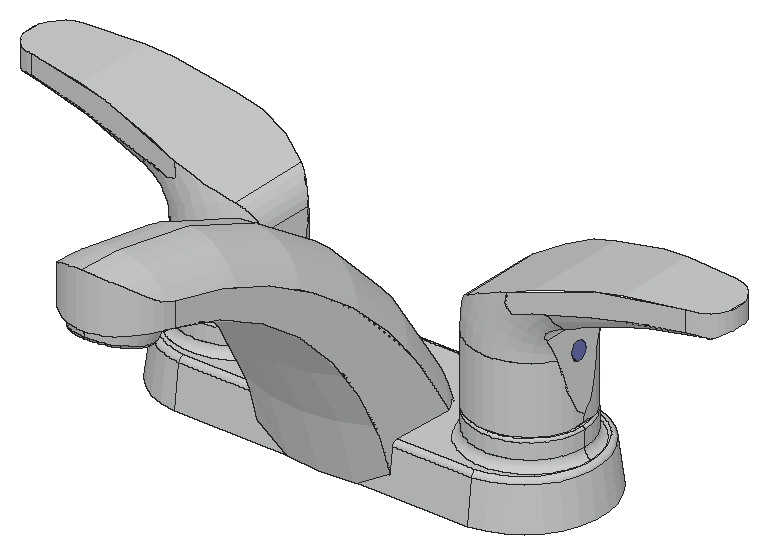
Revit family "Faucet-Two_Handle-American_Standard-Colony_Pro-7075.20X_Series", category Plumbing Fixtures, Revit 2019
Family settings
  Round Connector Dimension = Use Diameter
  Part Type = Normal
  OmniClass Number = 23.45.55.17
  OmniClass Title = Mixing Faucets
  Work Plane-Based = Yes
  Always vertical = No
  Cut with Voids When Loaded = No
  Shared = Yes
  Room Calculation Point = No
Parameters (values of type "7075.200.002")
  Width = 9 3/4"
  Waste Connection = no
  Warranty Information = "Limited Lifetime Warranty"
  WFU = 2  # constant formula
  Vent Connection = no
  URL = "http://www.americanstandard-us.com/"
  Revised Date = "02/21/2023"  # constant formula
  Product Page URL = "https://www.americanstandard.ca/Centerset-Bathroom-Faucets/Colony-PRO-4-Inch-Centerset-2-Handle-Bathroom-Faucet-12-gpm-45-Lpm-Less-Drain-With-Lever-Handles/CHROME-7075205002"
  Product Documentation Link = "https://americanstandard.box.com/shared/static/eyu2ri895x0ttovg61shtzmnfmtcm2df.pdf"
  Price = "Prices may vary. Please consult Manufacturer Representative for most up-to-date price list."  # constant formula
  Pop-Up Hole & Rod = no
  Model = "7075.200.002"
  Material = "Metal-American Standard-002-Polished Chrome"
  Manufacturer = "American Standard"
  Length = 6 3/8"
  Installation Type = "Deck Mounted"
  Installation Instruction Link = "https://americanstandard.box.com/shared/static/yspxpiv6564dnxp7xn7cn14yifnahpwv.pdf"
  Hot Water Connection Width = 2"
  Hot Water Connection Radius = 3/16"
  Hot Water Connection Diameter = 3/8"
  Height = 4 1/4"
  HWFU = 1.5  # constant formula
  HW Connection = yes
  Flow Rate = "1.2 gpm (4.5 L/min.)"
  Finish = Metal-American Standard-002-Polished Chrome
  Drain Depth = 3"
  Description = "Colony® PRO Two-Handle Centerset Lavatory Faucet with Metal Drain."
  Default Elevation = 0"
  Creation Date = "11/23/2016"  # constant formula
  Cold Water Connection Width = 2"
  Cold Water Connection Radius = 3/16"
  Cold Water Connection Diameter = Cold Water Connection Radius * 2  # 3/8"
  CWFU = 1.5  # constant formula
  CW Connection = yes
  ADA Compliant = yes
Types (10): name | Pop-Up Hole & Rod | Model | Material | Finish | Description
  (no name) | no | "7075.200.002" | "Metal-American Standard-002-Polished Chrome" | Metal-American Standard-002-Polished Chrome | "Colony® PRO Two-Handle Centerset Lavatory Faucet with Metal Drain."
  7075.200.002 | no | "7075.200.002" | "Metal-American Standard-002-Polished Chrome" | Metal-American Standard-002-Polished Chrome | "Colony® PRO Two-Handle Centerset Lavatory Faucet with Metal Drain."
  7075.202.002 | yes | "7075.202.002" | "Metal-American Standard-002-Polished Chrome" | Metal-American Standard-002-Polished Chrome | "Colony® PRO Two-Handle Centerset Lavatory Faucet with 50/50 pop-up drain."
  7075.205.002 | yes | "7075.205.002" | "Metal-American Standard-002-Polished Chrome" | Metal-American Standard-002-Polished Chrome | "Colony® PRO Two-Handle Centerset Lavatory Faucet with pop-up hole, plug button and rod."
  7075.200.295 | no | "7075.200.295" | "Metal-American Standard-295-Satin Nickel" | Metal-American Standard-295-Satin Nickel | "Colony® PRO Two-Handle Centerset Lavatory Faucet with Metal Drain."
  7075.200.278 | no | "7075.200.278" | "Metal-American Standard-278-Legacy Bronze" | Metal-American Standard-278-Legacy Bronze | "Colony® PRO Two-Handle Centerset Lavatory Faucet with Metal Drain."
  7075.202.295 | yes | "7075.202.295" | "Metal-American Standard-295-Satin Nickel" | Metal-American Standard-295-Satin Nickel | "Colony® PRO Two-Handle Centerset Lavatory Faucet with 50/50 pop-up drain."
  7075.202.278 | yes | "7075.202.278" | "Metal-American Standard-278-Legacy Bronze" | Metal-American Standard-278-Legacy Bronze | "Colony® PRO Two-Handle Centerset Lavatory Faucet with 50/50 pop-up drain."
  7075.205.295 | yes | "7075.205.295" | "Metal-American Standard-295-Satin Nickel" | Metal-American Standard-295-Satin Nickel | "Colony® PRO Two-Handle Centerset Lavatory Faucet with pop-up hole, plug button and rod."
  7075.205.278 | yes | "7075.205.278" | "Metal-American Standard-278-Legacy Bronze" | Metal-American Standard-278-Legacy Bronze | "Colony® PRO Two-Handle Centerset Lavatory Faucet with pop-up hole, plug button and rod."
Reference planes
  plane 1 "Center (Front/Back)": y = 0
  plane 2: z = 0
  plane 3: z = 107.95
  plane 4: y = -114.3
  plane 5: y = 34.925
  plane 6: y = -127
  plane 7: y = -25.4
  plane 8: y = 4.762
  plane 9: x = -250.439
  plane 10: x = -374.264
  plane 11: x = -126.614
  plane 12: x = -199.639
  plane 13: x = -301.239
  plane 14: z = 82.568
  plane 15: z = -76.2
  plane 16: z = -317.5
  plane 17: y = -71.438
  plane 18: z = -76.232
Forms (mm)
  Sweep 1, solid, material "Metal-American Standard-002-Polished Chrome" <- "Finish"
    path origin (-250.439, 0, 0) x (1, 0, 0) y (0, 1, 0)
      loop
        arc (-51.227, -22.622) -> (-0.018, -24.963) -> (51.19, -22.62) r 561.123
        arc (51.19, -22.62) -> (76.18, 4.766) -> (51.187, 32.15) r 27.5
        arc (51.187, 32.15) -> (-0.02, 34.489) -> (-51.227, 32.147) r 561.405
        arc (-51.227, 32.147) -> (-76.216, 4.762) -> (-51.227, -22.622) r 27.499
    profile origin (-326.656, 4.762, 0) x (-1, 0, 0) y (0, 0, 1)
      loop
        line (-0.016, 0) -> (-1.806, 14.45)
        arc (-1.806, 14.45) -> (-2.414, 15.604) -> (-3.635, 16.066) r 1.843
        line (-3.635, 16.066) -> (-8.933, 16.066) -> (-8.933, 0) -> (-0.016, 0)
  Revolve 2, solid, material "Metal-American Standard-002-Polished Chrome" <- "Finish"
    sketch origin (-251.664, 4.762, 0) x (1, 0, 0) y (0, 0, 1)
      loop
        line (-49.58, 16.066) -> (-49.58, 26.385) -> (-63.149, 26.385) -> (-63.149, 25.495) -> (-67.836, 25.495)
        arc (-67.836, 25.495) -> (-68.398, 25.263) -> (-68.63, 24.702) r 0.794
        line (-68.63, 24.702) -> (-68.63, 19.293)
        arc (-68.63, 19.293) -> (-69.241, 17.332) -> (-70.858, 16.066) r 3.451
        line (-70.858, 16.066) -> (-49.58, 16.066)
      axis (-49.58, 26.385) -> (-49.58, 16.066)
    angle from 0 to 360
  Revolve 3, solid, material "Metal-American Standard-002-Polished Chrome" <- "Finish"
    sketch origin (-249.224, 4.762, 0) x (-1, 0, 0) y (0, 0, -1)
      loop
        line (-49.58, -16.066) -> (-70.858, -16.066)
        arc (-70.858, -16.066) -> (-69.241, -17.332) -> (-68.63, -19.293) r 3.451
        line (-68.63, -19.293) -> (-68.63, -24.702)
        arc (-68.63, -24.702) -> (-68.398, -25.263) -> (-67.836, -25.495) r 0.794
        line (-67.836, -25.495) -> (-63.149, -25.495) -> (-63.149, -26.385) -> (-49.58, -26.385) -> (-49.58, -16.066)
      axis (-49.58, -26.385) -> (-49.58, -16.066)
    angle from 0 to 360
  Extrusion 4, void
    sketch origin (-250.439, -5.727, 0) x (0, 1, 0) y (0, 0, 1)
      loop
        line (41.969, 0) -> (-51.458, 0) -> (-51.458, -23.37) -> (41.969, -23.37) -> (41.969, 0)
    from -50.74 to 38.851
  SweptBlend 5, solid, material "Metal-American Standard-002-Polished Chrome" <- "Finish"
    path origin (-250.439, -2.552, -10.17) x (0, 1, 0) y (0, 0, 1)
      loop
        arc (2.485, -3.237) -> (-60.944, 79.686) -> (-164.43, 93.471) r 136.405
    profile origin (-250.439, -0.068, -13.407) x (0, -0.96632, -0.257343) y (1, 0, 0)
      loop
        circle (0, 0) r 28.575
    end profile origin (-250.439, -166.982, 83.301) x (0, 0.257343, -0.96632) y (1, 0, 0)
      loop
        circle (1.488, 0) r 19.763
  Extrusion 6, void
    sketch origin (-250.439, -2.552, 8.88) x (1, 0, 0) y (0, 1, 0)
      loop
        line (26.014, 36.669) -> (18.49, -106.902)
        arc (18.49, -106.902) -> (0, -124.448) -> (-18.49, -106.902) r 18.516
        line (-18.49, -106.902) -> (-26.014, 36.669) -> (-35.519, 36.669) -> (-35.519, -172.709) -> (35.519, -172.709) -> (35.519, 36.669) -> (26.014, 36.669)
    from -8.88 to 139.2
  Sweep 7, void
    path origin (-250.439, -1.759, 12.849) x (0, 1, 0) y (0, 0, 1)
      loop
        arc (-15.423, -19.901) -> (-50.348, 48.007) -> (-119.345, 80.731) r 119.061
        line (-119.345, 80.731) -> (-159.119, 85.382)
    profile origin (-250.439, -52.107, 60.856) x (0, -0.695645, -0.718386) y (1, 0, 0)
      loop
        line (-0.397, -27.392) -> (35.198, -27.392) -> (35.198, 36.764) -> (-0.356, 27.298)
        arc (-0.356, 27.298) -> (5.214, -0.052) -> (-0.397, -27.392) r 69.668
  Revolve 8, solid, material "Metal-American Standard-002-Polished Chrome" <- "Finish"
    sketch origin (-250.439, 0.088, 0.018) x (0, 1, 0) y (0, 0, 1)
      loop
        arc (-103.075, 79.331) -> (-102.591, 79.346) -> (-102.206, 79.639) r 0.794
        line (-102.206, 79.639) -> (-98.424, 85.039) -> (-112.434, 89.056) -> (-113.806, 84.273) -> (-107.702, 82.523) -> (-108.196, 80.8) -> (-103.075, 79.331)
      axis (-112.434, 89.056) -> (-114.3, 82.55)
    angle from 0 to 360
  Extrusion 9, solid, material "Metal-American Standard-002-Polished Chrome" <- "Finish"
    sketch origin (0, 0, 0) x (1, 0, 0) y (0, 1, 0)
      loop
        arc (-300.851, 23.251) -> (-317.722, 4.762) -> (-300.851, -13.726) r 18.566
        arc (-300.851, -13.726) -> (-250.458, -16.029) -> (-200.065, -13.724) r 552.19
        arc (-200.065, -13.724) -> (-183.193, 4.766) -> (-200.067, 23.254) r 18.567
        arc (-200.067, 23.254) -> (-250.459, 25.555) -> (-300.851, 23.251) r 552.472
      loop
        circle (-301.239, 4.762) r 4.763
      loop
        circle (-199.639, 4.762) r 4.763
    from 0 to 16.066
  Revolve 10, solid, material "Metal-American Standard-002-Polished Chrome" <- "Finish", visible <- "Pop-Up Hole & Rod"
    sketch origin (-250.439, -0.1, 0) x (0, 1, 0) y (0, 0, 1)
      loop
        line (17.565, 44.061) -> (20.684, 54.939)
        arc (20.684, 54.939) -> (20.583, 56.093) -> (19.737, 56.883) r 1.617
        arc (19.737, 56.883) -> (16.931, 57.717) -> (14.017, 57.999) r 15.225
        line (14.017, 57.999) -> (14.017, 16.066) -> (16.132, 16.066) -> (16.132, 44.061) -> (17.565, 44.061)
      axis (14.017, 57.999) -> (14.017, 16.066)
    angle from 0 to 360
  Sweep 11, solid, material "Metal-American Standard-002-Polished Chrome" <- "Finish"
    path origin (-199.464, 4.762, 20.059) x (1, 0, 0) y (0, 0, 1)
      loop
        line (-101.6, 6.326) -> (-101.6, 29.345)
        arc (-101.6, 29.345) -> (-105.799, 44.482) -> (-117.197, 55.292) r 29.381
        arc (-117.197, 55.292) -> (-158.536, 69.949) -> (-202.351, 71.949) r 149.147
    profile origin (-301.064, 4.762, 37.894) x (-1, 0, 0) y (0, -1, 0)
      loop
        circle (0, 0) r 19.05
  Extrusion 12, void
    sketch origin (-251.654, -71.811, 0) x (1, 0, 0) y (0, 0, 1)
      loop
        arc (-122.019, 82.121) -> (-79.284, 78.96) -> (-39.443, 63.183) r 141.873
        arc (-39.443, 63.183) -> (-35.18, 59.107) -> (-33.218, 53.544) r 12.7
        line (-33.218, 53.544) -> (-30.549, 28.154)
        arc (-30.549, 28.154) -> (-30.952, 26.915) -> (-32.142, 26.385) r 1.601
        line (-32.142, 26.385) -> (-26.459, 26.385) -> (-26.459, 116.92) -> (-160.387, 116.92) -> (-160.387, 26.385) -> (-67.019, 26.385)
        arc (-67.019, 26.385) -> (-68.209, 26.915) -> (-68.611, 28.154) r 1.601
        line (-68.611, 28.154) -> (-65.582, 56.972)
        arc (-65.582, 56.972) -> (-66.187, 59.745) -> (-68.326, 61.611) r 4.521
        arc (-68.326, 61.611) -> (-85.824, 67.482) -> (-103.999, 70.696) r 124.227
        arc (-103.999, 70.696) -> (-113.795, 72.533) -> (-123.14, 75.999) r 58.817
        arc (-123.14, 75.999) -> (-124.935, 79.491) -> (-122.019, 82.121) r 3.219
    from -106.468 to -56.367
  Extrusion 13, void
    sketch origin (-500.878, 57.988, -134.587) x (-1, 0, 0) y (0, -1, 0)
      loop
        line (-199.644, 28.136) -> (-113.752, 28.136) -> (-113.752, 78.314) -> (-199.644, 78.314) -> (-199.644, 73.174) -> (-136.357, 64.426)
        arc (-136.357, 64.426) -> (-126.599, 53.225) -> (-136.357, 42.025) r 11.307
        line (-136.357, 42.025) -> (-199.644, 33.277) -> (-199.644, 28.136)
    from 176.708 to 251.507
  Sweep 14, solid, material "Metal-American Standard-002-Polished Chrome" <- "Finish"
    path origin (-301.414, 4.762, 20.059) x (-1, 0, 0) y (0, 0, -1)
      loop
        line (-101.6, -6.326) -> (-101.6, -29.345)
        arc (-101.6, -29.345) -> (-105.799, -44.482) -> (-117.197, -55.292) r 29.381
        arc (-117.197, -55.292) -> (-158.536, -69.949) -> (-202.351, -71.949) r 149.147
    profile origin (-199.814, 4.762, 37.894) x (-1, 0, 0) y (0, -1, 0)
      loop
        circle (0, 0) r 19.05
  Extrusion 15, void
    sketch origin (-249.224, -71.811, 0) x (-1, 0, 0) y (0, 0, -1)
      loop
        arc (-122.019, -82.121) -> (-124.935, -79.491) -> (-123.14, -75.999) r 3.219
        arc (-123.14, -75.999) -> (-113.795, -72.533) -> (-103.999, -70.696) r 58.817
        arc (-103.999, -70.696) -> (-85.824, -67.482) -> (-68.326, -61.611) r 124.227
        arc (-68.326, -61.611) -> (-66.187, -59.745) -> (-65.582, -56.972) r 4.521
        line (-65.582, -56.972) -> (-68.611, -28.154)
        arc (-68.611, -28.154) -> (-68.209, -26.915) -> (-67.019, -26.385) r 1.601
        line (-67.019, -26.385) -> (-160.387, -26.385) -> (-160.387, -116.92) -> (-26.459, -116.92) -> (-26.459, -26.385) -> (-32.142, -26.385)
        arc (-32.142, -26.385) -> (-30.952, -26.915) -> (-30.549, -28.154) r 1.601
        line (-30.549, -28.154) -> (-33.218, -53.544)
        arc (-33.218, -53.544) -> (-35.18, -59.107) -> (-39.443, -63.183) r 12.7
        arc (-39.443, -63.183) -> (-79.284, -78.96) -> (-122.019, -82.121) r 141.873
    from -106.468 to -56.367
  Extrusion 16, void
    sketch origin (0, 57.988, -134.587) x (1, 0, 0) y (0, 1, 0)
      loop
        line (-199.644, -28.136) -> (-199.644, -33.277) -> (-136.357, -42.025)
        arc (-136.357, -42.025) -> (-126.599, -53.225) -> (-136.357, -64.426) r 11.307
        line (-136.357, -64.426) -> (-199.644, -73.174) -> (-199.644, -78.314) -> (-113.752, -78.314) -> (-113.752, -28.136) -> (-199.644, -28.136)
    from 176.708 to 251.507
  Extrusion 17, solid, material "Plastic-American Standard-Matte Red"
    sketch origin (-6.821, 0, -32.863) x (0, 1, 0) y (0.104528, 0, 0.994522)
      loop
        circle (4.762, 48.641) r 2.914
    from -318.262 to -315.245
  Extrusion 18, solid, material "Plastic-American Standard-Matte Blue"
    sketch origin (-494.058, 0, -32.863) x (0, 1, 0) y (0.104528, 0, -0.994522)
      loop
        circle (4.762, -48.641) r 2.914
    from -318.262 to -315.245
  Revolve 19, solid, material "Metal-American Standard-002-Polished Chrome" <- "Finish", visible <- "Pop-Up Hole & Rod"
    sketch origin (-312.651, -71.438, 1219.2) x (-1, 0, 0) y (0, 0, 1)
      loop
        line (-62.211, -1536.7) -> (-62.211, -1285.169)
        arc (-62.211, -1285.169) -> (-79.161, -1286.889) -> (-95.42, -1291.977) r 84.401
        arc (-95.42, -1291.977) -> (-97.132, -1293.689) -> (-95.42, -1295.4) r 1.711
        line (-95.42, -1295.4) -> (-81.014, -1295.4) -> (-81.014, -1303.201) -> (-83.698, -1303.201)
        arc (-83.698, -1303.201) -> (-84.805, -1304.308) -> (-83.698, -1305.416) r 1.108
        line (-83.698, -1305.416) -> (-81.014, -1305.416) -> (-81.014, -1307.044) -> (-79.549, -1307.044) -> (-79.549, -1309.192) -> (-74.095, -1309.192) -> (-74.095, -1311.202) -> (-95.839, -1311.202)
        arc (-95.839, -1311.202) -> (-97.119, -1312.482) -> (-95.839, -1313.762) r 1.28
        arc (-95.839, -1313.762) -> (-87.718, -1316.654) -> (-84.285, -1324.561) r 10.824
        line (-84.285, -1324.561) -> (-84.285, -1335.457) -> (-70.81, -1335.457) -> (-70.81, -1337.562) -> (-90.939, -1337.562)
        arc (-90.939, -1337.562) -> (-94.424, -1339.006) -> (-95.868, -1342.491) r 4.929
        line (-95.868, -1342.491) -> (-95.868, -1347.753) -> (-88.496, -1347.753) -> (-88.496, -1365.186) -> (-84.285, -1365.186) -> (-84.285, -1367.713) -> (-88.496, -1367.713) -> (-88.496, -1381.356) -> (-78.086, -1381.356) -> (-78.086, -1536.7) -> (-62.211, -1536.7)
      axis (-62.211, -1285.169) -> (-62.211, -1536.7)
    angle from 0 to 360
Cuts and joins
  Extrusion 4, Extrusion 6, Sweep 7 cuts SweptBlend 5
  joined: SweptBlend 5, Revolve 8
  Extrusion 12, Extrusion 13 cuts Sweep 1
  Extrusion 12, Extrusion 13 cuts Revolve 2
  Extrusion 12, Extrusion 13 cuts Revolve 3
  Extrusion 12, Extrusion 13 cuts Extrusion 9
  joined: Sweep 1, Revolve 2, Revolve 3, Extrusion 9
  Extrusion 12, Extrusion 13, Extrusion 15, Extrusion 16 cuts Sweep 11
  Extrusion 15, Extrusion 16 cuts Sweep 14
Lines and regions (mm)
  Masking region 1
    outline origin (46.979, 22.672, 0) x (1, 0, 0) y (0, 1, 0)
      loop
        arc (-246.229, 9.461) -> (-297.436, 11.8) -> (-348.643, 9.458) r 561.389
        arc (-348.643, 9.458) -> (-359.097, 6.324) -> (-367.506, -0.631) r 27.483
        line (-367.506, -0.631) -> (-411.481, -6.709)
        arc (-411.481, -6.709) -> (-421.24, -17.91) -> (-411.481, -29.11) r 11.307
        line (-411.481, -29.11) -> (-367.506, -35.189)
        arc (-367.506, -35.189) -> (-359.097, -42.144) -> (-348.643, -45.278) r 27.483
        arc (-348.643, -45.278) -> (-334.514, -46.393) -> (-320.362, -47.15) r 561.107
        line (-320.362, -47.15) -> (-315.908, -132.126)
        arc (-315.908, -132.126) -> (-297.418, -149.673) -> (-278.928, -132.126) r 18.516
        line (-278.928, -132.126) -> (-274.474, -47.15)
        arc (-274.474, -47.15) -> (-260.322, -46.393) -> (-246.193, -45.278) r 561.107
        arc (-246.193, -45.278) -> (-235.739, -42.144) -> (-227.329, -35.189) r 27.483
        line (-227.329, -35.189) -> (-183.355, -29.11)
        arc (-183.355, -29.11) -> (-173.596, -17.91) -> (-183.355, -6.709) r 11.307
        line (-183.355, -6.709) -> (-227.329, -0.631)
        arc (-227.329, -0.631) -> (-235.755, 6.333) -> (-246.229, 9.461) r 27.483
  Masking region 2, visible <- "Pop-Up Hole & Rod"
    outline origin (0, 0, 0) x (1, 0, 0) y (0, 1, 0)
      loop
        circle (-250.439, -71.438) r 33.209
  symbolic lines, style "PlumbingFixtures", detail levels medium+fine
    curve 1: line (-226.094, 2.269, 0) -> (-227.496, -24.478, 0)
    curve 2: line (-273.383, -24.478, 0) -> (-274.866, 3.821, 0)
  symbolic lines, style "PlumbingFixtures", not visible, detail levels fine
    curve 3: circle (-250.439, 13.917, 0) r 6.739 normal (0, 0, 1)
  symbolic lines, detail levels medium+fine
    curve 4: arc (-320.258, 22.37, 0) -> (-315.811, 22.917, 0) -> (-311.365, 23.479, 0) r 1297.203
    curve 5: arc (-320.258, -12.845, 0) -> (-315.812, -13.392, 0) -> (-311.369, -13.953, 0) r 1297.203
    curve 6: arc (-301.064, 23.812, 0) -> (-282.014, 4.762, 0) -> (-301.064, -14.288, 0) r 19.05
    curve 7: arc (-311.365, 23.479, 0) -> (-306.223, 23.891, 0) -> (-301.064, 23.812, 0) r 54.287
    curve 8: arc (-311.369, -13.953, 0) -> (-306.224, -14.365, 0) -> (-301.064, -14.288, 0) r 54.325
    curve 9: arc (-180.62, 22.37, 0) -> (-185.068, 22.917, 0) -> (-189.513, 23.479, 0) r 1297.203
    curve 10: arc (-180.62, -12.845, 0) -> (-185.066, -13.392, 0) -> (-189.51, -13.953, 0) r 1297.203
    curve 11: arc (-199.814, 23.812, 0) -> (-218.864, 4.762, 0) -> (-199.814, -14.288, 0) r 19.05
    curve 12: arc (-189.513, 23.479, 0) -> (-194.656, 23.891, 0) -> (-199.814, 23.812, 0) r 54.287
    curve 13: arc (-189.51, -13.953, 0) -> (-194.654, -14.365, 0) -> (-199.814, -14.288, 0) r 54.325
  symbolic lines
    curve 14: arc (-226.094, 2.269, 0) -> (-233.655, 12.243, 0) -> (-244.895, 17.748, 0) r 27.057
    curve 15: arc (-255.839, 17.948, 0) -> (-266.982, 13.079, 0) -> (-274.866, 3.821, 0) r 27.057
    curve 16: arc (-311.367, 23.478, 0) -> (-279.966, 4.763, 0) -> (-311.367, -13.953, 0) r 21.278
    curve 17: arc (-189.524, -13.955, 0) -> (-220.922, 4.762, 0) -> (-189.524, 23.48, 0) r 21.278
Dimensions and locks
  "Length": plane 5 to plane 6
  "Height": plane 3 to level
  "Width": plane 10 to plane 11
  plane 11 to plane 10 = 9 3/4"
  locked: plane 3 to plane 2 at 107.95
  locked: plane 14 to plane 2 at 82.568
  "Drain Depth": plane 2 to plane 15
  locked: Revolve 19 sketch curve to Revolve 19 sketch curve at 15.875
  locked: plane 17 to plane 8 at 76.2
  locked: plane 18 to plane 16 at 241.268
  locked: plane 15 to plane 16 at 241.3
  aligned and locked: curve 16 to cut or joined group of Sweep 1, Revolve 2, Revolve 3, Extrusion 9, Extrusion 12, Extrusion 13
  aligned and locked: curve 17 to cut or joined group of Sweep 1, Revolve 2, Revolve 3, Extrusion 9, Extrusion 12, Extrusion 13
  aligned and locked: cut or joined group of Sweep 1, Revolve 2, Revolve 3, Extrusion 9, Extrusion 12, Extrusion 13 to cut or joined group of Sweep 1, Revolve 2, Revolve 3, Extrusion 9, Extrusion 12, Extrusion 13
  aligned and locked: Revolve 19 sketch curve to plane 16
  aligned and locked: Revolve 19 sketch curve to plane 9  (x2)
  aligned and locked: Masking region 2 sketch curve to Revolve 19
Automatic sketch dimensions
  curve 14 to curve 15 = 0"  (x2)
  plane 8 to curve 6 = 0"
  curve 3 to plane 9 = 0"
  plane 8 to curve 11 = 0"
  curve 8 to plane 5 = 0.19708"
  curve 8 to curve 16 = 0.12673"
  plane 7 to curve 7 = 0.19559"
  curve 7 to curve 16 = 0.12678"
  curve 4 to plane 10 = 4.01581"
  curve 5 to plane 10 = 4.01581"
  curve 16 to curve 6 = 0.00707"
  plane 8 to curve 2 = 0.03705"
  curve 2 to plane 9 = 0.96169"
  curve 15 to plane 9 = 0.01625"
  curve 1 to plane 1 "Center (Front/Back)" = 0.08934"
  plane 9 to curve 1 = 0.95847"
  curve 11 to curve 17 = 0.0067"
  curve 13 to plane 5 = 0.19708"
  curve 12 to curve 13 = 0.13381"
  plane 7 to curve 12 = 0.19559"
  curve 13 to curve 12 = 0.13386"
  plane 11 to curve 10 = 4.01581"
  plane 11 to curve 9 = 4.01581"
  plane 6 to curve 5 = 46.20602"
  curve 5 to curve 10 = 0"
  plane 1 "Center (Front/Back)" to curve 15 = 0.34037"
  curve 3 to plane 8 = 0.3604"
  curve 4 to plane 5 = 50.20602"
  curve 4 to curve 9 = 0"
  curve 4 to curve 7 = 0.40555"
  curve 7 to curve 4 = 0"
  curve 16 to curve 7 = 0.00007"
  curve 5 to curve 8 = 0"
  curve 5 to curve 5 = 0.34997"
  curve 4 to curve 16 = 0.35004"
  curve 2 to plane 7 = 0.0363"
  curve 2 to plane 9 = 0.9033"
  curve 15 to plane 9 = 0.21261"
  curve 1 to plane 7 = 0.0363"
  plane 9 to curve 1 = 0.90329"
  curve 12 to curve 17 = 0.40512"
  curve 9 to curve 12 = 0"
  curve 10 to curve 13 = 0"
  curve 10 to curve 10 = 0.34997"
  curve 9 to curve 9 = 0.35011"
  plane 8 to Sweep 1 sketch curve = 0"
  Sweep 1 sketch curve to plane 9 = 1.91801"
  Sweep 1 sketch curve to plane 9 = 0.00102"
  Sweep 1 sketch curve to plane 9 = 0"
  Sweep 1 sketch curve to plane 8 = 0.00009"
  plane 9 to Sweep 1 sketch curve = 1.91653"
  plane 6 to Sweep 1 sketch curve = 15.74473"
  Sweep 1 sketch curve to plane 5 = 19.73369"
  plane 5 to Sweep 1 sketch curve = 7/64"
  Sweep 1 sketch curve to plane 7 = 7/64"
  Sweep 1 sketch curve to Sweep 1 sketch curve = 0"  (x2)
  Sweep 1 sketch curve to level = 0"
  profile plane to Sweep 1 sketch curve = 0.35171"
  profile plane to Sweep 1 sketch curve = 0.1431"
  profile plane to Sweep 1 sketch curve = 0.0711"
  profile plane to Sweep 1 sketch curve = 0.00065"
  level to Sweep 1 sketch curve = 0.55998"
  Sweep 1 sketch curve to Sweep 1 sketch curve = 0.00892"
  level to Revolve 2 sketch curve = 0.75956"
  plane 10 to Revolve 2 sketch curve = 1.98896"
  Revolve 2 sketch curve to Revolve 2 sketch curve = 0.04812"
  Revolve 2 sketch curve to Revolve 2 sketch curve = 0.13585"
  Revolve 2 sketch curve to Revolve 2 sketch curve = 1/32"
  Revolve 2 sketch curve to Revolve 2 sketch curve = 0.18452"
  Revolve 2 sketch curve to Revolve 2 sketch curve = 0.53423"
  Revolve 2 sketch curve to Revolve 2 sketch curve = 0.21295"
  Revolve 2 sketch curve to Revolve 2 sketch curve = 13/32"
  Revolve 2 sketch curve to Revolve 2 sketch curve = 0"  (x2)
  Revolve 2 sketch curve to Revolve 2 sketch curve = 0.06716"
  level to Revolve 3 sketch curve = 0.75956"
  Revolve 3 sketch curve to plane 11 = 1.98934"
  Revolve 3 sketch curve to Revolve 3 sketch curve = 0.04812"
  Revolve 3 sketch curve to Revolve 3 sketch curve = 0.13585"
  Revolve 3 sketch curve to Revolve 3 sketch curve = 1/32"
  Revolve 3 sketch curve to Revolve 3 sketch curve = 0.18452"
  Revolve 3 sketch curve to Revolve 3 sketch curve = 0.53423"
  Revolve 3 sketch curve to Revolve 3 sketch curve = 0.21295"
  Revolve 3 sketch curve to Revolve 3 sketch curve = 13/32"
  Revolve 3 sketch curve to Revolve 3 sketch curve = 0"  (x2)
  Revolve 3 sketch curve to Revolve 3 sketch curve = 0.06716"
  Extrusion 4 sketch curve to level = 0"
  plane 7 to Extrusion 4 sketch curve = 1.2514"
  Extrusion 4 sketch curve to plane 5 = 0.05182"
  Extrusion 4 sketch curve to Extrusion 4 sketch curve = 0.92008"
  plane 6 to SweptBlend 5 sketch curve = 0.1921"
  SweptBlend 5 sketch curve to level = 1.90985"
  plane 6 to SweptBlend 5 sketch curve = 1.5741"
  plane 1 "Center (Front/Back)" to SweptBlend 5 sketch curve = 0.00267"
  SweptBlend 5 sketch curve to level = 0.52784"
  SweptBlend 5 sketch curve to profile plane = 0"  (x3)
  SweptBlend 5 sketch curve to profile plane = 15/256"
  Extrusion 6 sketch curve to plane 9 = 1.39839"
  plane 5 to Extrusion 6 sketch curve = 0.03185"  (x2)
  Extrusion 6 sketch curve to Extrusion 6 sketch curve = 0.37419"
  Extrusion 6 sketch curve to plane 4 = 0.19078"  (x2)
  Extrusion 6 sketch curve to plane 9 = 0.72797"
  Extrusion 6 sketch curve to plane 9 = 0"
  plane 9 to Extrusion 6 sketch curve = 1.02418"
  plane 9 to Extrusion 6 sketch curve = 1.39838"
  plane 6 to Extrusion 6 sketch curve = 1.90007"
  Extrusion 6 sketch curve to plane 4 = 0.22893"
  plane 6 to Sweep 7 sketch curve = 0.31225"
  Sweep 7 sketch curve to plane 6 = 0.23216"
  Sweep 7 sketch curve to level = 0.9715"
  Sweep 7 sketch curve to plane 3 = 0.56576"
  Sweep 7 sketch curve to plane 3 = 0.38266"
  plane 6 to Sweep 7 sketch curve = 1.33376"
  Sweep 7 sketch curve to level = 0.27766"
  Sweep 7 sketch curve to profile plane = 0"
  profile plane to Sweep 7 sketch curve = 2.53753"
  profile plane to Sweep 7 sketch curve = 1/64"
  profile plane to Sweep 7 sketch curve = 0.01403"
  Sweep 7 sketch curve to profile plane = 1.38575"
  Sweep 7 sketch curve to profile plane = 1.07844"
  profile plane to Sweep 7 sketch curve = 1.4474"
  Revolve 8 sketch curve to plane 4 = 0.02293"
  Revolve 8 sketch curve to plane 4 = 0.07693"
  Revolve 8 sketch curve to plane 4 = 0.24379"
  Revolve 8 sketch curve to Revolve 8 sketch curve = 0.01945"
  Revolve 8 sketch curve to Revolve 8 sketch curve = 0.20163"
  Revolve 8 sketch curve to Revolve 8 sketch curve = 0.00861"
  Revolve 8 sketch curve to Revolve 8 sketch curve = 0.0256"
  Revolve 8 sketch curve to Revolve 8 sketch curve = 0.14887"
  Revolve 8 sketch curve to plane 3 = 1.12603"
  Revolve 8 sketch curve to Revolve 8 sketch curve = 0.01212"
  Revolve 8 sketch curve to Revolve 8 sketch curve = 0.05782"
  Revolve 8 sketch curve to plane 4 = 0.00348"
  plane 4 to Revolve 8 sketch curve = 0.01181"
  Revolve 8 sketch curve to Revolve 8 sketch curve = 0.12117"
  Revolve 8 sketch curve to Revolve 8 sketch curve = 0.05333"
  plane 8 to Extrusion 9 sketch curve = 0"  (x3)
  Extrusion 9 sketch curve to plane 13 = 0"
  Extrusion 9 sketch curve to plane 12 = 0"
  plane 13 to Extrusion 9 sketch curve = 0.08199"
  Extrusion 9 sketch curve to plane 9 = 0.00102"
  Extrusion 9 sketch curve to plane 9 = 0"
  Extrusion 9 sketch curve to plane 8 = 0.00009"
  Extrusion 9 sketch curve to plane 12 = 0.08347"
  plane 6 to Extrusion 9 sketch curve = 15.74473"
  Extrusion 9 sketch curve to plane 5 = 19.73369"
  plane 13 to Extrusion 9 sketch curve = 0.01529"
  Extrusion 9 sketch curve to Extrusion 9 sketch curve = 0"  (x3)
  Revolve 10 sketch curve to plane 8 = 0.3604"
  Revolve 10 sketch curve to Revolve 10 sketch curve = 0.08329"
  Revolve 10 sketch curve to Revolve 10 sketch curve = 0.0564"
  Revolve 10 sketch curve to Revolve 10 sketch curve = 0.20128"
  Revolve 10 sketch curve to Revolve 10 sketch curve = 0.06121"
  level to Revolve 10 sketch curve = 0.63252"
  Revolve 10 sketch curve to Revolve 10 sketch curve = 1.0515"
  Revolve 10 sketch curve to Revolve 10 sketch curve = 0.05065"
  Revolve 10 sketch curve to Revolve 10 sketch curve = 0.42826"
  Revolve 10 sketch curve to Revolve 10 sketch curve = 0.01755"
  Revolve 10 sketch curve to Revolve 10 sketch curve = 0.10293"
  Revolve 10 sketch curve to Revolve 10 sketch curve = 0"  (x2)
  Revolve 10 sketch curve to Revolve 10 sketch curve = 0.04546"
  Masking region 1 sketch curve to Masking region 1 sketch curve = 0"  (x8)
  plane 8 to Masking region 1 sketch curve = 0"  (x4)
  plane 10 to Masking region 1 sketch curve = 0.38432"  (x2)
  Masking region 1 sketch curve to Masking region 1 sketch curve = 0.06096"
  Masking region 1 sketch curve to Masking region 1 sketch curve = 1.73128"
  plane 1 "Center (Front/Back)" to Masking region 1 sketch curve = 0.49278"  (x2)
  Masking region 1 sketch curve to Masking region 1 sketch curve = 0.84138"  (x3)
  Masking region 1 sketch curve to plane 7 = 0.0363"  (x2)
  Masking region 1 sketch curve to plane 9 = 0.9033"
  Masking region 1 sketch curve to plane 4 = 0.19078"  (x3)
  Masking region 1 sketch curve to plane 9 = 0.72797"
  Masking region 1 sketch curve to plane 9 = 0.00102"
  Masking region 1 sketch curve to plane 9 = 0"  (x2)
  plane 9 to Masking region 1 sketch curve = 0.00102"
  plane 9 to Masking region 1 sketch curve = 0.9033"
  Masking region 1 sketch curve to Masking region 1 sketch curve = 1.01472"
  plane 5 to Masking region 1 sketch curve = 0.50722"  (x2)
  Masking region 1 sketch curve to plane 11 = 0.44528"
  Masking region 1 sketch curve to plane 11 = 0.38432"  (x2)
  plane 6 to Masking region 1 sketch curve = 15.74473"
  Masking region 1 sketch curve to plane 4 = 0.22893"
  plane 1 "Center (Front/Back)" to Masking region 1 sketch curve = 0.25346"  (x2)
  Masking region 1 sketch curve to plane 5 = 19.73369"
  Sweep 11 sketch curve to plane 10 = 0.48693"
  plane 10 to Sweep 11 sketch curve = 1.72516"
  Sweep 11 sketch curve to Sweep 11 sketch curve = 1.15673"
  Sweep 11 sketch curve to level = 2.21908"
  level to Sweep 11 sketch curve = 1.94502"
  Sweep 11 sketch curve to plane 10 = 1.0847"
  Sweep 11 sketch curve to Sweep 11 sketch curve = 0"
  Sweep 11 sketch curve to Sweep 11 sketch curve = 29/32"
  Sweep 11 sketch curve to profile plane = 0"
  profile plane to Sweep 11 sketch curve = 0"
  Extrusion 12 sketch curve to plane 10 = 1.48728"
  plane 10 to Extrusion 12 sketch curve = 0.03312"
  plane 10 to Extrusion 12 sketch curve = 0.24134"
  Extrusion 12 sketch curve to Extrusion 12 sketch curve = 0.21581"
  plane 10 to Extrusion 12 sketch curve = 0.96535"
  plane 10 to Extrusion 12 sketch curve = 2.06818"
  Extrusion 12 sketch curve to Extrusion 12 sketch curve = 0.05776"
  Extrusion 12 sketch curve to Extrusion 12 sketch curve = 0.0627"  (x2)
  Extrusion 12 sketch curve to Extrusion 12 sketch curve = 0.17701"
  Extrusion 12 sketch curve to Extrusion 12 sketch curve = 0.77693"
  Extrusion 12 sketch curve to Extrusion 12 sketch curve = 0.49726"
  Extrusion 12 sketch curve to Extrusion 12 sketch curve = 0.04237"
  plane 3 to Extrusion 12 sketch curve = 0.35315"
  Extrusion 12 sketch curve to plane 9 = 1.08955"
  Extrusion 12 sketch curve to plane 3 = 1.14324"
  Extrusion 12 sketch curve to plane 3 = 1.98842"
  Extrusion 12 sketch curve to Extrusion 12 sketch curve = 0.0186"
  Extrusion 12 sketch curve to Extrusion 12 sketch curve = 0.13493"
  Extrusion 12 sketch curve to Extrusion 12 sketch curve = 0.05226"
  Extrusion 12 sketch curve to Extrusion 12 sketch curve = 0.99964"
  level to Extrusion 12 sketch curve = 1.10841"
  Extrusion 12 sketch curve to Extrusion 12 sketch curve = 0.00659"  (x2)
  Extrusion 12 sketch curve to Extrusion 12 sketch curve = 0.06963"
  level to Extrusion 12 sketch curve = 1.03877"
  Extrusion 12 sketch curve to level = 2.0828"
  Extrusion 12 sketch curve to Extrusion 12 sketch curve = 0.25274"
  plane 3 to Extrusion 12 sketch curve = 0.83722"
  Extrusion 12 sketch curve to plane 10 = 0.02086"
  Extrusion 12 sketch curve to Extrusion 12 sketch curve = 0"  (x5)
  plane 8 to Extrusion 13 sketch curve = 0"
  plane 5 to Extrusion 13 sketch curve = 0.19974"
  Extrusion 13 sketch curve to plane 9 = 1.99981"
  Extrusion 13 sketch curve to plane 7 = 0.40211"
  Extrusion 13 sketch curve to Extrusion 13 sketch curve = 0"
  plane 10 to Extrusion 13 sketch curve = 0.44455"
  plane 10 to Extrusion 13 sketch curve = 0.38359"  (x2)
  Extrusion 13 sketch curve to plane 10 = 0.5064"
  Extrusion 13 sketch curve to Extrusion 13 sketch curve = 0.20237"
  Extrusion 13 sketch curve to plane 8 = 0.44096"
  Extrusion 13 sketch curve to plane 7 = 0.19974"
  plane 11 to Sweep 14 sketch curve = 0.48693"
  Sweep 14 sketch curve to plane 11 = 1.72516"
  Sweep 14 sketch curve to Sweep 14 sketch curve = 1.15673"
  level to Sweep 14 sketch curve = 1.94502"
  Sweep 14 sketch curve to level = 2.21908"
  plane 11 to Sweep 14 sketch curve = 1.0847"
  Sweep 14 sketch curve to Sweep 14 sketch curve = 0"
  Sweep 14 sketch curve to Sweep 14 sketch curve = 29/32"
  Sweep 14 sketch curve to profile plane = 0"
  profile plane to Sweep 14 sketch curve = 0"
  plane 11 to Extrusion 15 sketch curve = 1.48728"
  Extrusion 15 sketch curve to plane 11 = 0.03312"
  Extrusion 15 sketch curve to plane 11 = 0.24134"
  Extrusion 15 sketch curve to Extrusion 15 sketch curve = 0.21581"
  Extrusion 15 sketch curve to plane 11 = 0.96535"
  Extrusion 15 sketch curve to plane 11 = 2.06818"
  Extrusion 15 sketch curve to Extrusion 15 sketch curve = 0.05776"
  Extrusion 15 sketch curve to Extrusion 15 sketch curve = 0.0627"  (x2)
  Extrusion 15 sketch curve to Extrusion 15 sketch curve = 0.17701"
  Extrusion 15 sketch curve to Extrusion 15 sketch curve = 0.77693"
  Extrusion 15 sketch curve to Extrusion 15 sketch curve = 0.49726"
  Extrusion 15 sketch curve to Extrusion 15 sketch curve = 0.04237"
  plane 3 to Extrusion 15 sketch curve = 0.35315"
  plane 9 to Extrusion 15 sketch curve = 1.08955"
  plane 3 to Extrusion 15 sketch curve = 0.83722"
  Extrusion 15 sketch curve to plane 3 = 1.14324"
  Extrusion 15 sketch curve to plane 3 = 1.98842"
  Extrusion 15 sketch curve to Extrusion 15 sketch curve = 0.0186"
  Extrusion 15 sketch curve to Extrusion 15 sketch curve = 0.13493"
  Extrusion 15 sketch curve to Extrusion 15 sketch curve = 0.05226"
  level to Extrusion 15 sketch curve = 1.10841"
  Extrusion 15 sketch curve to Extrusion 15 sketch curve = 0.99964"
  Extrusion 15 sketch curve to Extrusion 15 sketch curve = 0.00659"  (x2)
  level to Extrusion 15 sketch curve = 1.03877"
  Extrusion 15 sketch curve to Extrusion 15 sketch curve = 0.06963"
  Extrusion 15 sketch curve to level = 2.0828"
  Extrusion 15 sketch curve to Extrusion 15 sketch curve = 0.25274"
  plane 11 to Extrusion 15 sketch curve = 0.02086"
  Extrusion 15 sketch curve to Extrusion 15 sketch curve = 0"  (x5)
  plane 8 to Extrusion 16 sketch curve = 0"
  plane 5 to Extrusion 16 sketch curve = 0.19974"
  plane 9 to Extrusion 16 sketch curve = 1.99981"
  Extrusion 16 sketch curve to plane 7 = 0.40211"
  Extrusion 16 sketch curve to Extrusion 16 sketch curve = 0"
  Extrusion 16 sketch curve to plane 11 = 0.44455"
  Extrusion 16 sketch curve to plane 11 = 0.38359"  (x2)
  plane 11 to Extrusion 16 sketch curve = 0.5064"
  Extrusion 16 sketch curve to plane 7 = 0.19974"
  plane 1 "Center (Front/Back)" to Extrusion 16 sketch curve = 0.25346"
  Extrusion 16 sketch curve to Extrusion 16 sketch curve = 0.20237"
  Extrusion 17 sketch curve to plane 8 = 0"
  Extrusion 18 sketch curve to plane 8 = 0"
  Revolve 19 sketch curve to plane 15 = 0"
  plane 9 to Revolve 19 sketch curve = 1.32506"
  Revolve 19 sketch curve to Revolve 19 sketch curve = 0.00115"
  Revolve 19 sketch curve to Revolve 19 sketch curve = 0.01646"
  Revolve 19 sketch curve to Revolve 19 sketch curve = 0.0287"
  Revolve 19 sketch curve to Revolve 19 sketch curve = 0.19406"
  Revolve 19 sketch curve to Revolve 19 sketch curve = 0.09616"
  Revolve 19 sketch curve to Revolve 19 sketch curve = 0"  (x2)
  Revolve 19 sketch curve to Revolve 19 sketch curve = 0.42615"
  Revolve 19 sketch curve to Revolve 19 sketch curve = 0.16579"
  Revolve 19 sketch curve to Revolve 19 sketch curve = 0.47799"
  Revolve 19 sketch curve to Revolve 19 sketch curve = 0.10566"
  Revolve 19 sketch curve to Revolve 19 sketch curve = 0.05768"
  Revolve 19 sketch curve to Revolve 19 sketch curve = 0.21472"
  plane 9 to Revolve 19 sketch curve = 0.33855"
  Revolve 19 sketch curve to plane 15 = 3.3841"
  Revolve 19 sketch curve to Revolve 19 sketch curve = 0.464"
  Revolve 19 sketch curve to Revolve 19 sketch curve = 0.53714"
  Revolve 19 sketch curve to Revolve 19 sketch curve = 0.09947"
  Revolve 19 sketch curve to Revolve 19 sketch curve = 0.68635"
  Revolve 19 sketch curve to Revolve 19 sketch curve = 0.20714"
  Revolve 19 sketch curve to Revolve 19 sketch curve = 0.08289"
  Revolve 19 sketch curve to Revolve 19 sketch curve = 0.51184"
  Revolve 19 sketch curve to Revolve 19 sketch curve = 0.0504"
  Revolve 19 sketch curve to Revolve 19 sketch curve = 0.07912"
  Revolve 19 sketch curve to Revolve 19 sketch curve = 0.08457"
  Revolve 19 sketch curve to Revolve 19 sketch curve = 0.0641"
  Revolve 19 sketch curve to Revolve 19 sketch curve = 0.0436"
  Revolve 19 sketch curve to Revolve 19 sketch curve = 0.06738"
  Revolve 19 sketch curve to plane 14 = 1.59791"
  Revolve 19 sketch curve to level = 1.59722"
  radius of SweptBlend 5 sketch curve = 1 1/8"
  radius of SweptBlend 5 sketch curve = 0.77809"
  radius of Extrusion 9 sketch curve = 3/16"  (x2)
  radius of Sweep 11 sketch curve = 3/4"
  radius of Sweep 14 sketch curve = 3/4"
  radius of Extrusion 17 sketch curve = 0.11473"
  radius of Extrusion 18 sketch curve = 0.11473"
Connectors
  piping at (-301.239, 4.762, 0), diameter 9.525, driven by "Hot Water Connection Diameter", driven by "HWFU"
    settings: on cut or joined group of Sweep 1, Revolve 2, Revolve 3, Extrusion 9, Extrusion 12, Extrusion 13, index 1, connector inside diameter 24", connector length 0", flow factor 0, pipe flow 0 GPM, pressure drop 0.00 psi, fitting loss kfactor 0, connector angle 0.00°, fixture units 1.5, engagement length 0", angle of deflection 0.00°, flow configuration 3, flow direction 1, fitting loss method 0, system type 19, joint type 0, gender type 0, connector reference index -1, connector utility 0, adjustable connector no, is connector primary yes, connector description "3/8\" NPT HW Inlet"
  piping at (-199.639, 4.762, 0), diameter 9.525, driven by "Cold Water Connection Diameter", driven by "CWFU"
    settings: on cut or joined group of Sweep 1, Revolve 2, Revolve 3, Extrusion 9, Extrusion 12, Extrusion 13, index 2, connector inside diameter 24", connector length 0", flow factor 0, pipe flow 0 GPM, pressure drop 0.00 psi, fitting loss kfactor 0, connector angle 0.00°, fixture units 1.5, engagement length 0", angle of deflection 0.00°, flow configuration 3, flow direction 1, fitting loss method 0, system type 20, joint type 0, gender type 0, connector reference index -1, connector utility 0, adjustable connector no, is connector primary no, connector description "3/8\" NPT CW Inlet"
